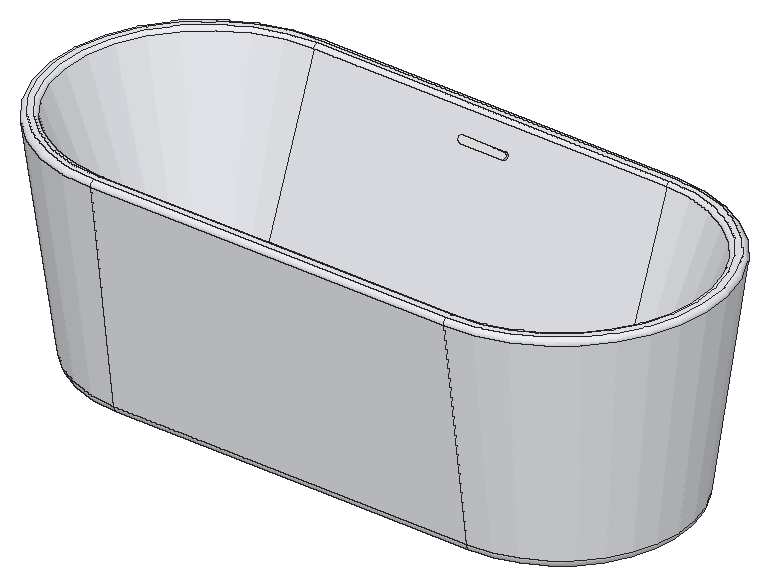
Revit family "Bathtub-American_Standard-Coastal_Serin-2765.034", category Plumbing Fixtures, Revit 2018
Family settings
  Round Connector Dimension = Use Diameter
  Part Type = Normal
  OmniClass Number = 23.45.05.14.21.11
  OmniClass Title = Bath/Shower Units
  Work Plane-Based = Yes
  Always vertical = No
  Cut with Voids When Loaded = No
  Shared = Yes
  Room Calculation Point = No
Parameters (values of type "2765.034")
  cUPC Compliant = yes
  Width = 31 1/4"
  Water Connection Diameter = 2 1/8"
  Waste Connection Radius = Water Connection Diameter / 2  # 1 1/16"
  Waste Connection = yes
  Warranty Information = "Limited Lifetime Warranty"
  WFU = 4
  Vent Connection = no
  URL = "https://www.americanstandard-us.com/"
  Shipping Weight = 97 lbf
  Revised Date = "03/26/2021"  # constant formula
  Product Page URL = "https://www.americanstandard-us.com/bathroom/bathtubs/coastal-serin-freestanding-tub-24487"
  Product Documentation Link = "https://www.americanstandard-us.com/-/media/specsheet2765034.pdf?la=en"
  Price = "Prices may vary. Please consult Manufacturer Representative for most up-to-date price list."  # constant formula
  Model = "2765.034"
  Manufacturer = "American Standard"
  Length = 68 3/4"
  Installation Type = "Floor Mounted"
  IAPMO Compliance = "Meets or Exceeds IAPMO Z124-2011, CSA B45.5-11"
  Height = 23 5/8"
  HWFU = 0
  HW Connection = no
  Description = "Coastal Serin 68.75 in. Acrylic Freestanding Soaker Bathtub in White"
  Default Elevation = Height  # 23 5/8"
  Creation Date = "05/19/2017"  # constant formula
  CWFU = 0
  CW Connection = no
  Body Material = Acrylic-American_Standard-020-High_Gloss_White
  Assembly Code = "D2010510"
Reference planes (in)
  plane 1 "Center (Front/Back)": y = 0
  plane 2: z = 0
  plane 3 "Center (Left/Right)": x = 0
  plane 4: y = -31.25
  plane 5: x = 34.375
  plane 6: x = -34.375
  plane 7: x = 2.5625
  plane 8: x = -2.5625
  plane 9: z = 23.625
  plane 10: z = 6.75
  plane 11: z = 20.875
Forms (in)
  Sweep 1, solid, material "Acrylic-American_Standard-020-High_Gloss_White" <- "Body Material"
    path origin (0, 0, 0) x (1, 0, 0) y (0, 1, 0)
      loop
        line (18.75, 0) -> (-18.75, 0)
        arc (-18.75, 0) -> (-34.375, -15.625) -> (-18.75, -31.25) r 15.625
        line (-18.75, -31.25) -> (18.75, -31.25)
        arc (18.75, -31.25) -> (34.375, -15.625) -> (18.75, 0) r 15.625
    profile origin (0, 0, 0) x (0, -1, 0) y (0, 0, 1)
      loop
        line (0.00974, 23.05541) -> (3.12898, 0.86083)
        arc (3.12898, 0.86083) -> (3.46319, 0.24529) -> (4.11925, 0) r 1
        line (4.11925, 0) -> (9.44816, 0) -> (9.44816, 6.75) -> (8.79008, 6.75)
        arc (8.79008, 6.75) -> (8.08203, 6.96987) -> (7.62307, 7.55214) r 1.25
        line (7.62307, 7.55214) -> (1.57802, 23.30414)
        arc (1.57802, 23.30414) -> (1.39444, 23.53705) -> (1.11121, 23.625) r 0.5
        line (1.11121, 23.625) -> (0.50487, 23.625)
        arc (0.50487, 23.625) -> (0.12752, 23.45303) -> (0.00974, 23.05541) r 0.5
  Extrusion 2, solid, material "Acrylic-American_Standard-020-High_Gloss_White" <- "Body Material"
    sketch origin (0, 0, 0) x (1, 0, 0) y (0, 1, 0)
      loop
        arc (-18.75, -9.44816) -> (-24.92684, -15.625) -> (-18.75, -21.80184) r 6.17684
        line (-18.75, -21.80184) -> (18.75, -21.80184)
        arc (18.75, -21.80184) -> (24.92684, -15.625) -> (18.75, -9.44816) r 6.17684
        line (18.75, -9.44816) -> (-18.75, -9.44816)
    from 0 to 6.75
  Extrusion 3, void
    sketch origin (0, 0, 0) x (1, 0, 0) y (0, 1, 0)
      loop
        circle (0, -15.625) r 1.0625
    from 0 to 7.71161
  Extrusion 4, solid, material "Metal-American_Standard-002-Polished_Chrome"
    sketch origin (0, -14.75342, -15.86119) x (1, 0, 0) y (0, 0.37677, 0.926307)
      loop
        arc (-2.20004, 39.02191) -> (-2.5625, 38.65946) -> (-2.20004, 38.297) r 0.36246
        line (-2.20004, 38.297) -> (2.20004, 38.297)
        arc (2.20004, 38.297) -> (2.5625, 38.65946) -> (2.20004, 39.02191) r 0.36246
        line (2.20004, 39.02191) -> (-2.20004, 39.02191)
    from 2.40998 to 2.62638
Cuts and joins
  Extrusion 3 cuts Sweep 1
  Extrusion 3 cuts Extrusion 2
  joined: Sweep 1, Extrusion 2
Lines and regions (in)
  Masking region 1
    outline origin (0, 0, 0) x (1, 0, 0) y (0, 1, 0)
      loop
        arc (-18.87364, 0) -> (-34.49864, -15.625) -> (-18.87364, -31.25) r 15.625
        line (-18.87364, -31.25) -> (18.74864, -31.25)
        arc (18.74864, -31.25) -> (34.37364, -15.625) -> (18.74864, 0) r 15.625
        line (18.74864, 0) -> (-18.87364, 0)
  symbolic lines, style "PlumbingFixtures", detail levels medium+fine
    curve 1: line (-18.73311, -1.49585, 0) -> (18.67243, -1.49585, 0)
    curve 2: line (-18.73311, -29.75415, 0) -> (18.67243, -29.75415, 0)
    curve 3: arc (-18.73311, -29.75415, 0) -> (-32.86226, -15.625, 0) -> (-18.73311, -1.49585, 0) r 14.12915
    curve 4: arc (18.67243, -1.49585, 0) -> (32.80159, -15.625, 0) -> (18.67243, -29.75415, 0) r 14.12915
  symbolic lines, style "PlumbingFixtures", detail levels fine
    curve 5: circle (0, -15.625, 0) r 1.0625 normal (0, 0, 1)
    curve 6: line (-2.20004, -2.48396, 0) -> (2.20297, -2.48396, 0)
    curve 10: line (2.24899, -2.7572, 0) -> (-2.20004, -2.7572, 0)
    curve 16: line (-2.25658, -2.36977, 0) -> (2.24342, -2.36977, 0)
    curve 20: line (2.5625, -2.50357, 0) -> (2.5625, -2.62542, 0)
    curve 24: line (-2.5625, -2.50357, 0) -> (-2.5625, -2.62931, 0)
    curve 25: line (-18.75559, -7.72377, 0) -> (18.81096, -7.72377, 0)
    curve 26: line (18.81096, -23.62549, 0) -> (-18.75559, -23.62549, 0)
    curve 27: arc (-18.75559, -23.62549, 0) -> (-26.70645, -15.67463, 0) -> (-18.75559, -7.72377, 0) r 7.95086
    curve 28: arc (18.81096, -7.72377, 0) -> (26.76182, -15.67463, 0) -> (18.81096, -23.62549, 0) r 7.95086
  symbolic lines, detail levels fine
    curve 7: arc (2.20297, -2.48396, 0) -> (2.36368, -2.50085, 0) -> (2.51736, -2.55079, 0) r 0.77295
    curve 8: arc (2.51736, -2.55079, 0) -> (2.56266, -2.62054, 0) -> (2.51736, -2.69028, 0) r 0.07635
    curve 9: arc (2.51736, -2.69028, 0) -> (2.3861, -2.73548, 0) -> (2.24899, -2.7572, 0) r 0.79641
    curve 11: arc (-2.20004, -2.7572, 0) -> (-2.32504, -2.74736, 0) -> (-2.44697, -2.71809, 0) r 0.79906
    curve 12: arc (-2.44697, -2.71809, 0) -> (-2.4993, -2.69479, 0) -> (-2.54564, -2.66112, 0) r 0.274
    curve 13: arc (-2.54564, -2.66112, 0) -> (-2.56299, -2.62214, 0) -> (-2.54564, -2.58316, 0) r 0.05245
    curve 14: arc (-2.54564, -2.58316, 0) -> (-2.47602, -2.53531, 0) -> (-2.39639, -2.50711, 0) r 0.3236
    curve 15: arc (-2.39639, -2.50711, 0) -> (-2.29875, -2.49102, 0) -> (-2.20004, -2.48396, 0) r 1.07524
    curve 17: arc (2.24342, -2.36977, 0) -> (2.36092, -2.38212, 0) -> (2.47329, -2.41863, 0) r 0.56513
    curve 18: arc (2.47329, -2.41863, 0) -> (2.5126, -2.44087, 0) -> (2.54694, -2.4702, 0) r 0.23561
    curve 19: arc (2.54694, -2.4702, 0) -> (2.55751, -2.48558, 0) -> (2.5625, -2.50357, 0) r 0.05655
    curve 21: arc (-2.24342, -2.36977, 0) -> (-2.36092, -2.38212, 0) -> (-2.47329, -2.41863, 0) r 0.56513
    curve 22: arc (-2.47329, -2.41863, 0) -> (-2.5126, -2.44087, 0) -> (-2.54694, -2.4702, 0) r 0.23561
    curve 23: arc (-2.54694, -2.4702, 0) -> (-2.55751, -2.48558, 0) -> (-2.5625, -2.50357, 0) r 0.05655
Dimensions and locks (in)
  "Width": plane 4 to plane 1 "Center (Front/Back)"
  "Height": plane 9 to level
  plane 9 to plane 10 = 16 7/8"
  plane 8 to plane 7 = 5 1/8"
  "Length": plane 6 to plane 5
Automatic sketch dimensions
  plane 4 to Sweep 1 sketch curve = 0"
  plane 1 "Center (Front/Back)" to Sweep 1 sketch curve = 0"
  Sweep 1 sketch curve to plane 6 = 15 5/8"
  Sweep 1 sketch curve to plane 5 = 15 5/8"
  Sweep 1 sketch curve to level = 0"
  Sweep 1 sketch curve to profile plane = 0.00974"
  Sweep 1 sketch curve to Sweep 1 sketch curve = 0.49513"
  Sweep 1 sketch curve to Sweep 1 sketch curve = 0.60634"
  Sweep 1 sketch curve to Sweep 1 sketch curve = 0.46681"
  level to Sweep 1 sketch curve = 0.86083"
  Sweep 1 sketch curve to profile plane = 3.12898"
  Sweep 1 sketch curve to Sweep 1 sketch curve = 0.99027"
  Sweep 1 sketch curve to Sweep 1 sketch curve = 3.50382"
  Sweep 1 sketch curve to Sweep 1 sketch curve = 1.16701"
  Sweep 1 sketch curve to Sweep 1 sketch curve = 0.65807"
  Sweep 1 sketch curve to Sweep 1 sketch curve = 6 3/4"
  Sweep 1 sketch curve to Sweep 1 sketch curve = 0.80214"
  Sweep 1 sketch curve to Sweep 1 sketch curve = 15.50327"
  Sweep 1 sketch curve to Sweep 1 sketch curve = 0.06959"  (x2)
  plane 1 "Center (Front/Back)" to Extrusion 2 sketch curve = 9.44816"
  Extrusion 2 sketch curve to plane 6 = 15 5/8"
  Extrusion 2 sketch curve to plane 5 = 15 5/8"
  Extrusion 2 sketch curve to Extrusion 2 sketch curve = 6.17684"
  Extrusion 3 sketch curve to plane 3 "Center (Left/Right)" = 0"
  plane 1 "Center (Front/Back)" to Extrusion 3 sketch curve = 15 5/8"
  Extrusion 4 sketch curve to plane 8 = 0.36246"
  Extrusion 4 sketch curve to plane 7 = 0.36246"
  Extrusion 4 sketch curve to Extrusion 4 sketch curve = 0.36246"
  plane 1 "Center (Front/Back)" to Masking region 1 sketch curve = 0"
  plane 4 to Masking region 1 sketch curve = 0"
  Masking region 1 sketch curve to plane 6 = 15.50136"
  Masking region 1 sketch curve to plane 5 = 15.62636"
  curve 23 to plane 8 = 0"
  curve 5 to plane 3 "Center (Left/Right)" = 0"
  curve 19 to plane 7 = 0"
  curve 3 to plane 6 = 15.64189"
  curve 25 to curve 1 = 0.02248"
  curve 13 to plane 8 = 0.05196"
  curve 23 to plane 8 = 0.05624"
  curve 13 to curve 22 = 0.13309"
  curve 23 to curve 12 = 0.14397"
  curve 22 to curve 14 = 0.04834"
  curve 14 to curve 21 = 0.08568"
  curve 21 to curve 6 = 0.04338"
  curve 11 to plane 8 = 0.36246"
  curve 15 to plane 8 = 0.38967"
  curve 9 to plane 7 = 0.36907"
  curve 6 to plane 7 = 0.35953"
  curve 17 to plane 7 = 0.31908"
  curve 17 to curve 10 = 0.00556"
  curve 10 to curve 18 = 0.12846"
  curve 8 to plane 7 = 0.07619"
  curve 19 to plane 7 = 0.05624"
  plane 1 "Center (Front/Back)" to curve 1 = 1.49585"
  curve 1 to plane 5 = 15.70257"
  curve 1 to curve 25 = 0.13853"
  plane 1 "Center (Front/Back)" to curve 11 = 1.95814"
  plane 1 "Center (Front/Back)" to curve 9 = 1.96273"
  curve 16 to curve 9 = 0.40703"
  curve 12 to curve 16 = 0.08774"
  curve 6 to curve 16 = 0.11419"
  curve 20 to curve 17 = 0.1338"
  curve 24 to curve 12 = 0.04607"
  curve 23 to curve 23 = 0.00591"
  curve 19 to curve 19 = 0.00591"
  curve 8 to curve 19 = 0.11106"
  curve 13 to curve 23 = 0.11266"
  curve 18 to curve 8 = 0.01333"
  curve 22 to curve 13 = 3/256"
  curve 10 to curve 18 = 0.12333"
  curve 14 to curve 11 = 0.06644"
  curve 21 to curve 14 = 0.11126"
  curve 17 to curve 9 = 0.1777"
  curve 7 to curve 17 = 0.32201"
  curve 15 to curve 21 = 0.62396"
  curve 25 to curve 1 = 6.22792"
  curve 4 to curve 25 = 7.90123"
  curve 5 to curve 15 = 12.06614"
  curve 27 to curve 3 = 0.04963"
  curve 22 to curve 23 = 0"
  curve 13 to plane 8 = 0.01686"
  curve 14 to curve 13 = 0"
  curve 12 to curve 13 = 0"
  curve 16 to curve 21 = 0.01315"
  curve 18 to curve 17 = 0"
  curve 8 to curve 9 = 0"
  radius of Extrusion 3 sketch curve = 1 1/16"
  radius of curve 5 = 1 1/16"
Connectors (in)
  piping at (0, -15.625, 0), diameter 2.125, driven by "WFU", driven by "Water Connection Diameter"
    settings: on cut or joined group of Sweep 1, Extrusion 2, Extrusion 3, index 1, connector inside diameter 24", connector length 0", flow factor 0, pipe flow 0 GPM, pressure drop 0.00 psi, fitting loss kfactor 0, connector angle 0.00°, fixture units 4, engagement length 0", angle of deflection 0.00°, flow configuration 3, flow direction 2, fitting loss method 0, system type 16, joint type 0, gender type 0, connector reference index -1, connector utility 0, adjustable connector no, is connector primary yes, connector description "2-1/8\" Waste Outlet"
